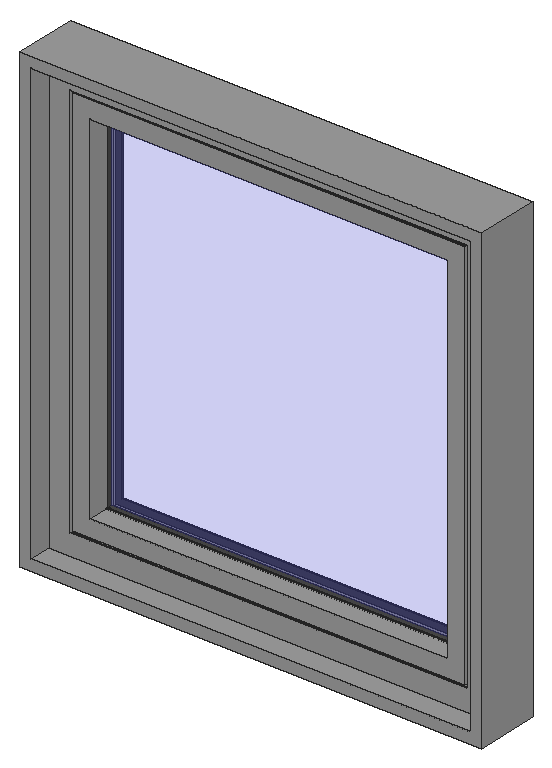
Revit family "SS_5_LAP OC001_v02", category Windows, host Wall, Revit 2015
Parameters
  Wall Thickness [instance] = 0' - 6"
  URL = "obe.com"
  Rough Width = Width + 0' 0 1/2"  # 3' - 0 1/2"
  Rough Height = Height + 0' 0 1/2"  # 3' - 0 1/2"
  Offset Limitation [instance] = if((Offset + 0' 5") > Wall Thickness, (Wall Thickness - 0' 5"), Offset)  # 0' - 1"
  Offset [instance] = 1' - 0"
  Model = "SS_5_LAP OC001"
  Manufacturer = "Oldcastle BuildingEnvelope®"
  Keynote = "08 51 00"
  Height = 3' - 0"
  Glass Material = Glass
  Gasket Material = Gasket
  Frame Material = Aluminum
  Description = "SIGNATURE SERIES 5 LAP"
  Default Sill Height = 3' - 0"
  Wall Closure = By host
  Width = 3' - 0"
  Assembly Code = "B2020"
Reference planes (in)
  plane 1 "Center (Front/Back)": y = 0
  plane 2: z = 0
  plane 3 "Center (Left/Right)": x = 0
  plane 4 "Left": x = -18.25
  plane 5 "Right": x = 18.25
  plane 6 "Sill": z = 36
  plane 7 "Top": z = 72.5
  plane 8: x = 18
  plane 9: x = -18
  plane 10: z = 72.25
  plane 11: z = 36.25
  plane 12 "Offset": y = 2
  plane 13: z = 69.00052
  plane 14: z = 39.49948
  plane 15 "EXT": y = 1.69269
  plane 16: z = 54.25
Forms (in)
  Sweep 1, solid, material "Aluminum" <- "Frame Material"
    path origin (0, 2, 0) x (1, 0, 0) y (0, 0, 1)
      loop
        line (18.25, 36.25) -> (-18.25, 36.25)
    profile origin (0, 2, 36.25) x (0, 0, -1) y (0, -1, 0)
      loop
        line (-1.36814, 0) -> (0.25, 0) -> (0.25, 5) -> (-0.625, 5) -> (-0.625, 3.25) -> (-2.3125, 3.25) -> (-2.3125, 3.17) -> (-1.36814, 3.17) -> (-1.36814, 0)
  Sweep 2, solid, material "Aluminum" <- "Frame Material"
    path origin (0, 2, 0) x (1, 0, 0) y (0, 0, 1)
      loop
        line (18.25, 72.25) -> (-18.25, 72.25)
    profile origin (0, 2, 72.25) x (0, 0, -1) y (0, -1, 0)
      loop
        line (0.625, 3.24905) -> (0.625, 5) -> (-0.25, 5) -> (-0.25, 0) -> (1.37477, 0) -> (1.37477, 3.16948) -> (2.31296, 3.16948) -> (2.31296, 3.24905) -> (0.625, 3.24905)
  Sweep 3, solid, material "Aluminum" <- "Frame Material"
    path origin (0, 2, 0) x (1, 0, 0) y (0, 0, 1)
      loop
        line (18, 36) -> (18, 72.5)
    profile origin (18, 2, 54.25) x (-1, 0, 0) y (0, -1, 0)
      loop
        line (-0.25, 0) -> (1.36814, 0) -> (1.36814, 3.17) -> (2.3125, 3.17) -> (2.3125, 3.24905) -> (0.625, 3.24905) -> (0.625, 5) -> (-0.25, 5) -> (-0.25, 0)
  Sweep 4, solid, material "Aluminum" <- "Frame Material"
    path origin (0, 2, 0) x (1, 0, 0) y (0, 0, 1)
      loop
        line (-18, 36) -> (-18, 72.5)
    profile origin (-18, 2, 54.25) x (-1, 0, 0) y (0, -1, 0)
      loop
        line (-0.625, 5) -> (-0.625, 3.24905) -> (-2.3125, 3.24905) -> (-2.3125, 3.17) -> (-1.36814, 3.17) -> (-1.36814, 0) -> (0.25, 0) -> (0.25, 5) -> (-0.625, 5)
  Sweep 5, solid, material "Gasket" <- "Gasket Material", detail levels fine
    path origin (0, 2, 0) x (1, 0, 0) y (0, 0, 1)
      loop
        line (18, 72.25) -> (-18, 72.25) -> (-18, 36.25) -> (18, 36.25) -> (18, 72.25)
    profile origin (0, 2, 72.25) x (0, 0, -1) y (0, -1, 0)
      loop
        line (3.53355, 0.18231) -> (3.88848, 0.18231) -> (3.88848, 0.03319) -> (3.92573, 0.04456) -> (4.0287, 0.30731) -> (3.53355, 0.30731) -> (3.53355, 0.18231)
  Sweep 6, solid, material "Gasket" <- "Gasket Material", detail levels fine
    path origin (0, 2, 0) x (1, 0, 0) y (0, 0, 1)
      loop
        line (18, 72.25) -> (-18, 72.25) -> (-18, 36.25) -> (18, 36.25) -> (18, 72.25)
    profile origin (0, 2, 72.25) x (0, 0, -1) y (0, -1, 0)
      loop
        line (3.9995, 1.30731) -> (3.91953, 1.56753)
        arc (3.91953, 1.56753) -> (3.90117, 1.58602) -> (3.87553, 1.58137) r 0.028
        line (3.87553, 1.58137) -> (3.88664, 1.50731) -> (3.71329, 1.50731) -> (3.64243, 1.41979) -> (3.552, 1.34656)
        arc (3.552, 1.34656) -> (3.54059, 1.32855) -> (3.54242, 1.30731) r 0.03334
        line (3.54242, 1.30731) -> (3.9995, 1.30731)
  Extrusion 7, solid, material "Glass" <- "Glass Material"
    sketch origin (0, 0, 36) x (0, -1, 0) y (1, 0, 0)
      loop
        line (-1.69269, -14.75052) -> (-0.69269, -14.75052) -> (-0.69269, 14.75052) -> (-1.69269, 14.75052) -> (-1.69269, -14.75052)
    from 3.49948 to 33.00052
  Sweep 8, solid, material "Aluminum" <- "Frame Material"
    path origin (0, 2, 0) x (1, 0, 0) y (0, 0, 1)
      loop
        line (16.86606, 72.25) -> (-16.86606, 72.25)
    profile origin (0, 2, 72.25) x (0, 0, -1) y (0, -1, 0)
      loop
        line (3.87448, 0.00831) -> (3.87448, 0.18231) -> (3.24948, 0.18231) -> (3.24948, 1.50731) -> (3.87448, 1.50731) -> (3.87448, 3.24905) -> (2.4995, 3.24905) -> (2.4995, 3.08998) -> (1.8426, 3.08998) -> (1.8426, 0) -> (1.13394, 0) -> (1.13394, -0.32169) -> (2.99948, -0.32169) -> (2.99948, 0.00831) -> (3.87448, 0.00831)
  Sweep 9, solid, material "Aluminum" <- "Frame Material"
    path origin (0, 2, 0) x (1, 0, 0) y (0, 0, 1)
      loop
        line (16.86606, 36.25) -> (-16.86606, 36.25)
    profile origin (0, 2, 36.25) x (0, 0, -1) y (0, -1, 0)
      loop
        line (-2.99948, -0.32169) -> (-1.13394, -0.32169) -> (-1.13394, 0) -> (-1.8426, 0) -> (-1.8426, 3.09) -> (-2.49948, 3.09) -> (-2.49948, 3.25) -> (-3.87448, 3.25) -> (-3.87448, 1.50731) -> (-3.24948, 1.50731) -> (-3.24948, 0.18231) -> (-3.87448, 0.18231) -> (-3.87448, 0.00831) -> (-2.99948, 0.00831) -> (-2.99948, -0.32169)
  Sweep 10, solid, material "Aluminum" <- "Frame Material"
    path origin (0, 2, 0) x (1, 0, 0) y (0, 0, 1)
      loop
        line (-18, 37.38394) -> (-18, 71.11606)
    profile origin (-18, 2, 54.25) x (-1, 0, 0) y (0, -1, 0)
      loop
        line (-3.87448, 1.50731) -> (-3.24948, 1.50731) -> (-3.24948, 0.18231) -> (-3.87448, 0.18231) -> (-3.87448, 0.00831) -> (-2.99948, 0.00831) -> (-2.99948, -0.32169) -> (-1.13394, -0.32169) -> (-1.13394, 0) -> (-1.8426, 0) -> (-1.8426, 3.17) -> (-2.3125, 3.17) -> (-2.3125, 3.25) -> (-3.87448, 3.25) -> (-3.87448, 1.50731)
  Sweep 11, solid, material "Aluminum" <- "Frame Material"
    path origin (0, 2, 0) x (1, 0, 0) y (0, 0, 1)
      loop
        line (18, 37.38394) -> (18, 71.11606)
    profile origin (18, 2, 54.25) x (-1, 0, 0) y (0, -1, 0)
      loop
        line (1.13394, -0.32169) -> (2.99948, -0.32169) -> (2.99948, 0.00831) -> (3.87448, 0.00831) -> (3.87448, 0.18231) -> (3.24948, 0.18231) -> (3.24948, 1.50731) -> (3.87448, 1.50731) -> (3.87448, 3.25) -> (2.49948, 3.25) -> (2.49948, 3.09) -> (1.8426, 3.09) -> (1.8426, 0) -> (1.13394, 0) -> (1.13394, -0.32169)
  Sweep 12, void
    path origin (0, 2, 0) x (1, 0, 0) y (0, 0, 1)
      loop
        line (-18, 69.93704) -> (-18, 38.5625)
    profile origin (-18, 2, 54.24977) x (0, -1, 0) y (1, 0, 0)
      loop
        line (3.25, 2.3125) -> (3.25, 2.50028) -> (3.09032, 2.50028) -> (3.09032, 2.3125) -> (3.25, 2.3125)
  Sweep 13, void
    path origin (0, 2, 0) x (1, 0, 0) y (0, 0, 1)
      loop
        line (-15.49972, 72.25) -> (15.50052, 72.25)
    profile origin (0.0004, 2, 72.25) x (0, 0, 1) y (0, -1, 0)
      loop
        line (-2.31296, 3.24905) -> (-2.4995, 3.24905) -> (-2.4995, 3.08998) -> (-2.31296, 3.08998) -> (-2.31296, 3.24905)
  Sweep 14, void
    path origin (0, 2, 0) x (1, 0, 0) y (0, 0, 1)
      loop
        line (-15.49972, 36.25) -> (15.50052, 36.25)
    profile origin (0.0004, 2, 36.25) x (0, 0, 1) y (0, -1, 0)
      loop
        line (2.3125, 3.24905) -> (2.3125, 3.08998) -> (2.49948, 3.08998) -> (2.49948, 3.24905) -> (2.3125, 3.24905)
  Sweep 15, void
    path origin (0, 2, 0) x (1, 0, 0) y (0, 0, 1)
      loop
        line (18, 38.5625) -> (18, 69.93704)
    profile origin (18, 2, 54.24977) x (-1, 0, 0) y (0, -1, 0)
      loop
        line (2.3125, 3.25) -> (2.3125, 3.08998) -> (2.49948, 3.08998) -> (2.49948, 3.25) -> (2.3125, 3.25)
Cuts and joins
  Sweep 12, Sweep 13, Sweep 14 cuts Sweep 1
  Sweep 12, Sweep 13, Sweep 14 cuts Sweep 2
  Sweep 12, Sweep 13, Sweep 14 cuts Sweep 3
  Sweep 12, Sweep 13, Sweep 14 cuts Sweep 4
  Sweep 12, Sweep 13, Sweep 14, Sweep 15 cuts Sweep 8
  Sweep 12, Sweep 13, Sweep 14, Sweep 15 cuts Sweep 9
  Sweep 12, Sweep 13, Sweep 14 cuts Sweep 10
  Sweep 12, Sweep 13, Sweep 14 cuts Sweep 11
  joined: Sweep 1, Sweep 2, Sweep 3, Sweep 4, Sweep 8, Sweep 9, Sweep 10, Sweep 11
Lines and regions (in)
  Opening 1
    outline origin (-60, -3, 0) x (1, 0, 0) y (0, 0, 1)
      loop
        line (41.75, 72.5) -> (41.75, 36) -> (78.25, 36) -> (78.25, 72.5) -> (41.75, 72.5)
  model lines, style "Opening Direction"
    curve 1: line (-14.12552, 1.69269, 68.37552) -> (14.12552, 1.69269, 54.25)
    curve 2: line (-14.12552, 1.69269, 40.12448) -> (14.12552, 1.69269, 54.25)
Text (in)
  text "EXTERIOR" at (-58.6888, 50.90694, 0), in view "Ref. Level"
  text "INTERIOR" at (-58.6888, -45.26638, 0), in view "Ref. Level"
  text "Exterior" at (0, 43.65631, 123.19604), in view "Left"
  text "Exterior" at (0, 18.29385, 125.04747), in view "Right"
  text "Min Operable Size\n\n18\" width x 18\" height\n\n\n\nMax Operable Size\n\n48\" x 72\"\n\n\n\nMax Operable Area\n\n15 square feet\n\n\n\n\n\nOperable Width must be less than or equal to height" at (92.45389, 66.61475, 0), in view "Ref. Level"
Dimensions and locks (in)
  equal spacing: plane 4 "Left", plane 3 "Center (Left/Right)", plane 5 "Right"
  "Rough Height": plane 6 "Sill" to plane 7 "Top"
  "Default Sill Height": plane 2 to plane 6 "Sill"
  locked: plane 6 "Sill" to plane 11 at 0.25
  locked: plane 8 to plane 5 "Right" at 0.25
  "Height": plane 11 to plane 10
  "Offset Limitation": plane 12 "Offset" to host wall
  "Wall Thickness": host wall to host wall
  "Width": plane 9 to plane 8
  "Rough Width": plane 4 "Left" to plane 5 "Right"
  Sweep 6 to Sweep 5 to plane 12 "Offset" = 0' - 1", 0' - 0.30731" locked
  locked: plane 11 to plane 14 at 3.24948
  locked: plane 10 to plane 13 at 3.24948
  Extrusion 7 sketch curve to Extrusion 7 sketch curve to plane 12 "Offset" = 0' - 1" locked, 0' - 0.30731" locked
  locked: plane 9 to Sweep 8 sketch curve at 1.13394
  locked: Sweep 8 sketch curve to plane 8 at 1.13394
  locked: plane 9 to Sweep 9 sketch curve at 1.13394
  locked: Sweep 9 sketch curve to plane 8 at 1.13394
  locked: plane 15 "EXT" to plane 12 "Offset" at 0.30731
  equal spacing: plane 6 "Sill", plane 16, plane 7 "Top"
  aligned and locked: plane 7 "Top" to Opening 1 sketch curve
  aligned and locked: plane 6 "Sill" to Opening 1 sketch curve  (x2)
  aligned and locked: plane 5 "Right" to Opening 1 sketch curve
  aligned and locked: plane 4 "Left" to Opening 1 sketch curve
  aligned and locked: level to plane 2
  aligned and locked: plane 5 "Right" to Sweep 1 sketch curve
  aligned and locked: plane 11 to Sweep 1 sketch curve
  aligned and locked: plane 4 "Left" to Sweep 1 sketch curve
  aligned and locked: plane 5 "Right" to Sweep 2 sketch curve
  aligned and locked: plane 10 to Sweep 2 sketch curve
  aligned and locked: plane 4 "Left" to Sweep 2 sketch curve
  aligned and locked: plane 6 "Sill" to Sweep 3 sketch curve
  aligned and locked: plane 8 to Sweep 3 sketch curve
  aligned and locked: plane 7 "Top" to Sweep 3 sketch curve
  aligned and locked: plane 9 to Sweep 4 sketch curve
  aligned and locked: Sweep 2 to Sweep 4 sketch curve
  aligned and locked: plane 6 "Sill" to Sweep 4 sketch curve
  aligned and locked: Extrusion 7 to plane 14
  aligned and locked: plane 13 to Extrusion 7
  aligned and locked: plane 9 to Sweep 10 sketch curve
  aligned and locked: plane 10 to Sweep 8 sketch curve
  aligned and locked: plane 11 to Sweep 9 sketch curve
  aligned and locked: plane 16 to curve 1
  aligned and locked: plane 9 to Sweep 12 sketch curve
  aligned and locked: plane 10 to Sweep 13 sketch curve
  aligned and locked: plane 11 to Sweep 14 sketch curve
Automatic sketch dimensions
  Sweep 1 sketch curve to plane 12 "Offset" = 0' - 0"
  Sweep 1 sketch curve to Sweep 1 sketch curve = 0' - 1 3/4"
  Sweep 1 sketch curve to profile plane = 0' - 0 1/4"
  profile plane to Sweep 3 sketch curve = 0' - 0 1/4"
  Sweep 3 sketch curve to Sweep 3 sketch curve = 0' - 1.75095"
  profile plane to Sweep 4 sketch curve = 0' - 0 5/8"
  Sweep 4 sketch curve to profile plane = 0' - 0 1/4"
  Sweep 4 sketch curve to Sweep 4 sketch curve = 0' - 1.75095"
  plane 12 "Offset" to Sweep 5 sketch curve = 0' - 0.18231"
  Sweep 5 sketch curve to profile plane = 0' - 3.53355"
  Sweep 5 sketch curve to Sweep 5 sketch curve = 0' - 0.35493"
  plane 12 "Offset" to Sweep 5 sketch curve = 0' - 0.04456"
  Sweep 5 sketch curve to Sweep 5 sketch curve = 0' - 0.03725"
  Sweep 5 sketch curve to Sweep 5 sketch curve = 0' - 0.14022"
  plane 12 "Offset" to Sweep 5 sketch curve = 0' - 0.03319"
  Sweep 5 sketch curve to Sweep 5 sketch curve = 0' - 0 1/8"
  plane 12 "Offset" to Sweep 6 sketch curve = 0' - 1.30731"
  Sweep 6 sketch curve to profile plane = 0' - 3.54242"
  plane 12 "Offset" to Sweep 6 sketch curve = 0' - 1.34656"
  Sweep 6 sketch curve to Sweep 6 sketch curve = 0' - 0.00957"
  Sweep 6 sketch curve to Sweep 6 sketch curve = 0' - 0.02098"
  plane 12 "Offset" to Sweep 6 sketch curve = 0' - 1.41979"
  Sweep 6 sketch curve to Sweep 6 sketch curve = 0' - 0.09043"
  Sweep 6 sketch curve to Sweep 6 sketch curve = 0' - 0.07087"
  plane 12 "Offset" to Sweep 6 sketch curve = 0' - 1.58137"
  Sweep 6 sketch curve to Sweep 6 sketch curve = 0' - 0.16223"
  plane 12 "Offset" to Sweep 6 sketch curve = 0' - 1.50731"
  Sweep 6 sketch curve to Sweep 6 sketch curve = 0' - 0.01111"
  Sweep 6 sketch curve to Sweep 6 sketch curve = 0' - 0.01724"
  plane 12 "Offset" to Sweep 6 sketch curve = 0' - 1.56753"
  Sweep 6 sketch curve to Sweep 6 sketch curve = 0' - 0.02676"
  Sweep 6 sketch curve to Sweep 6 sketch curve = 0' - 0.11286"
  plane 8 to Sweep 6 sketch curve = 0' - 0"
  Sweep 6 sketch curve to plane 10 = 0' - 0"
  plane 9 to Sweep 5 sketch curve = 0' - 0"
  plane 8 to Sweep 5 sketch curve = 0' - 0"
  Sweep 5 sketch curve to plane 11 = 0' - 0"
  Sweep 5 sketch curve to plane 10 = 0' - 0"
  plane 9 to Sweep 6 sketch curve = 0' - 0"
  Sweep 2 sketch curve to plane 12 "Offset" = 0' - 0"
  profile plane to Sweep 2 sketch curve = 0' - 0 1/4"
  Sweep 2 sketch curve to profile plane = 0' - 0 5/8"
  Sweep 2 sketch curve to Sweep 2 sketch curve = 0' - 0.74977"
  Sweep 2 sketch curve to Sweep 2 sketch curve = 0' - 0.93819"
  plane 12 "Offset" to Sweep 2 sketch curve = 0' - 3.16948"
  Sweep 2 sketch curve to Sweep 2 sketch curve = 0' - 0.07957"
  Sweep 2 sketch curve to Sweep 2 sketch curve = 0' - 1.75095"
  profile plane to Sweep 1 sketch curve = 0' - 0 5/8"
  Sweep 1 sketch curve to Sweep 1 sketch curve = 0' - 3.17"
  Sweep 1 sketch curve to Sweep 1 sketch curve = 0' - 0.94436"
  Sweep 1 sketch curve to Sweep 1 sketch curve = 0' - 0.74314"
  Sweep 1 sketch curve to Sweep 1 sketch curve = 0' - 0.08"
  plane 12 "Offset" to Sweep 4 sketch curve = 0' - 0"
  Sweep 4 sketch curve to Sweep 4 sketch curve = 0' - 3.17"
  Sweep 4 sketch curve to Sweep 4 sketch curve = 0' - 0.94436"
  Sweep 4 sketch curve to Sweep 4 sketch curve = 0' - 0.74314"
  Sweep 4 sketch curve to Sweep 4 sketch curve = 0' - 0.07905"
  Sweep 3 sketch curve to profile plane = 0' - 0 5/8"
  plane 12 "Offset" to Sweep 3 sketch curve = 0' - 0"
  Sweep 3 sketch curve to Sweep 3 sketch curve = 0' - 0.94436"
  Sweep 3 sketch curve to Sweep 3 sketch curve = 0' - 3.17"
  Sweep 3 sketch curve to Sweep 3 sketch curve = 0' - 0.74314"
  Sweep 3 sketch curve to Sweep 3 sketch curve = 0' - 0.07905"
  Sweep 10 sketch curve to plane 11 = 0' - 1.13394"
  plane 10 to Sweep 10 sketch curve = 0' - 1.13394"
  plane 8 to Sweep 11 sketch curve = 0' - 0"
  Sweep 11 sketch curve to plane 11 = 0' - 1.13394"
  plane 10 to Sweep 11 sketch curve = 0' - 1.13394"
  curve 1 to plane 13 = 0' - 0 5/8"
  curve 1 to plane 9 = 0' - 3.87448"
  plane 8 to curve 1 = 0' - 3.87448"
  plane 14 to curve 2 = 0' - 0 5/8"
  curve 2 to plane 9 = 0' - 3.87448"
  plane 12 "Offset" to Sweep 12 sketch curve = 0' - 3.09032"
  Sweep 12 sketch curve to Sweep 12 sketch curve = 0' - 0.15968"
  Sweep 12 sketch curve to profile plane = 0' - 2 5/16"
  Sweep 12 sketch curve to Sweep 12 sketch curve = 0' - 0.18778"
  Sweep 12 sketch curve to plane 14 = 0' - 0.93698"
  plane 13 to Sweep 12 sketch curve = 0' - 0.93653"
  Sweep 13 sketch curve to plane 9 = 0' - 2.50028"
  plane 8 to Sweep 13 sketch curve = 0' - 2.49948"
  profile plane to Sweep 13 sketch curve = 0' - 2.4995"
  Sweep 13 sketch curve to Sweep 13 sketch curve = 0' - 0.18654"
  plane 12 "Offset" to Sweep 13 sketch curve = 0' - 3.08998"
  Sweep 13 sketch curve to Sweep 13 sketch curve = 0' - 0.15906"
  Sweep 14 sketch curve to plane 9 = 0' - 2.50028"
  plane 8 to Sweep 14 sketch curve = 0' - 2.49948"
  Sweep 14 sketch curve to profile plane = 0' - 2 5/16"
  Sweep 14 sketch curve to Sweep 14 sketch curve = 0' - 0.18698"
  plane 12 "Offset" to Sweep 14 sketch curve = 0' - 3.08998"
  Sweep 14 sketch curve to Sweep 14 sketch curve = 0' - 0.15906"
  plane 8 to Sweep 15 sketch curve = 0' - 0"
  Sweep 15 sketch curve to plane 11 = 0' - 2 5/16"
  plane 10 to Sweep 15 sketch curve = 0' - 2.31296"
  Sweep 15 sketch curve to profile plane = 0' - 2 5/16"
  Sweep 15 sketch curve to Sweep 15 sketch curve = 0' - 0.18698"
  plane 12 "Offset" to Sweep 15 sketch curve = 0' - 3.08998"
  Sweep 15 sketch curve to Sweep 15 sketch curve = 0' - 0.16002"
  Sweep 8 sketch curve to plane 12 "Offset" = 0' - 0"
  Sweep 8 sketch curve to profile plane = 0' - 1.13394"
  Sweep 8 sketch curve to Sweep 8 sketch curve = 0' - 0.70866"
  Sweep 8 sketch curve to Sweep 8 sketch curve = 0' - 0.6569"
  plane 12 "Offset" to Sweep 8 sketch curve = 0' - 0.00831"
  Sweep 8 sketch curve to Sweep 8 sketch curve = 0' - 1.15688"
  Sweep 8 sketch curve to Sweep 8 sketch curve = 0' - 0 1/4"
  Sweep 8 sketch curve to Sweep 8 sketch curve = 0' - 1 3/8"
  Sweep 8 sketch curve to Sweep 8 sketch curve = 0' - 0 5/8"
  Sweep 8 sketch curve to plane 12 "Offset" = 0' - 0.32169"
  Sweep 8 sketch curve to Sweep 8 sketch curve = 0' - 0.174"
  Sweep 8 sketch curve to Sweep 8 sketch curve = 0' - 1.325"
  Sweep 8 sketch curve to Sweep 8 sketch curve = 0' - 1.58268"
  Sweep 8 sketch curve to Sweep 8 sketch curve = 0' - 0.15906"
  Sweep 9 sketch curve to plane 12 "Offset" = 0' - 0"
  profile plane to Sweep 9 sketch curve = 0' - 3.87448"
  plane 12 "Offset" to Sweep 9 sketch curve = 0' - 0.18231"
  Sweep 9 sketch curve to Sweep 9 sketch curve = 0' - 0"
  Sweep 9 sketch curve to Sweep 9 sketch curve = 0' - 0 5/8"
  plane 12 "Offset" to Sweep 9 sketch curve = 0' - 0.00831"
  Sweep 9 sketch curve to Sweep 9 sketch curve = 0' - 0 1/4"
  Sweep 9 sketch curve to Sweep 9 sketch curve = 0' - 1 3/8"
  Sweep 9 sketch curve to Sweep 9 sketch curve = 0' - 1.15688"
  Sweep 9 sketch curve to Sweep 9 sketch curve = 0' - 0.70866"
  Sweep 9 sketch curve to plane 12 "Offset" = 0' - 0.32169"
  Sweep 9 sketch curve to Sweep 9 sketch curve = 0' - 1.325"
  Sweep 9 sketch curve to Sweep 9 sketch curve = 0' - 1.58269"
  Sweep 9 sketch curve to Sweep 9 sketch curve = 0' - 0.16"
  plane 12 "Offset" to Sweep 11 sketch curve = 0' - 0"
  Sweep 11 sketch curve to plane 12 "Offset" = 0' - 0.32169"
  Sweep 11 sketch curve to profile plane = 0' - 1.13394"
  Sweep 11 sketch curve to Sweep 11 sketch curve = 0' - 0.70866"
  Sweep 11 sketch curve to Sweep 11 sketch curve = 0' - 0.65688"
  Sweep 11 sketch curve to Sweep 11 sketch curve = 0' - 1.15688"
  Sweep 11 sketch curve to Sweep 11 sketch curve = 0' - 0 1/4"
  Sweep 11 sketch curve to Sweep 11 sketch curve = 0' - 1 3/8"
  plane 12 "Offset" to Sweep 11 sketch curve = 0' - 0.18231"
  Sweep 11 sketch curve to Sweep 11 sketch curve = 0' - 0 5/8"
  plane 12 "Offset" to Sweep 11 sketch curve = 0' - 0.00831"
  Sweep 11 sketch curve to Sweep 11 sketch curve = 0' - 1.325"
  Sweep 11 sketch curve to Sweep 11 sketch curve = 0' - 1.58269"
  Sweep 11 sketch curve to Sweep 11 sketch curve = 0' - 0.16"
  plane 12 "Offset" to Sweep 10 sketch curve = 0' - 0"
  plane 12 "Offset" to Sweep 10 sketch curve = 0' - 1.50731"
  profile plane to Sweep 10 sketch curve = 0' - 3.87448"
  plane 12 "Offset" to Sweep 10 sketch curve = 0' - 0.00831"
  Sweep 10 sketch curve to Sweep 10 sketch curve = 0' - 0"
  Sweep 10 sketch curve to Sweep 10 sketch curve = 0' - 0 5/8"
  Sweep 10 sketch curve to Sweep 10 sketch curve = 0' - 0 1/4"
  Sweep 10 sketch curve to Sweep 10 sketch curve = 0' - 1.56198"
  Sweep 10 sketch curve to Sweep 10 sketch curve = 0' - 0.4699"
  Sweep 10 sketch curve to Sweep 10 sketch curve = 0' - 0.70866"
  Sweep 10 sketch curve to plane 12 "Offset" = 0' - 0.32169"
  Sweep 10 sketch curve to Sweep 10 sketch curve = 0' - 0.174"
  Sweep 10 sketch curve to Sweep 10 sketch curve = 0' - 1.66269"
  Sweep 10 sketch curve to Sweep 10 sketch curve = 0' - 0.08"
  Extrusion 7 sketch curve to plane 9 = 0' - 3.24948"
  plane 8 to Extrusion 7 sketch curve = 0' - 3.24948"
  Sweep 6 sketch curve to plane 11 = 0' - 0"
